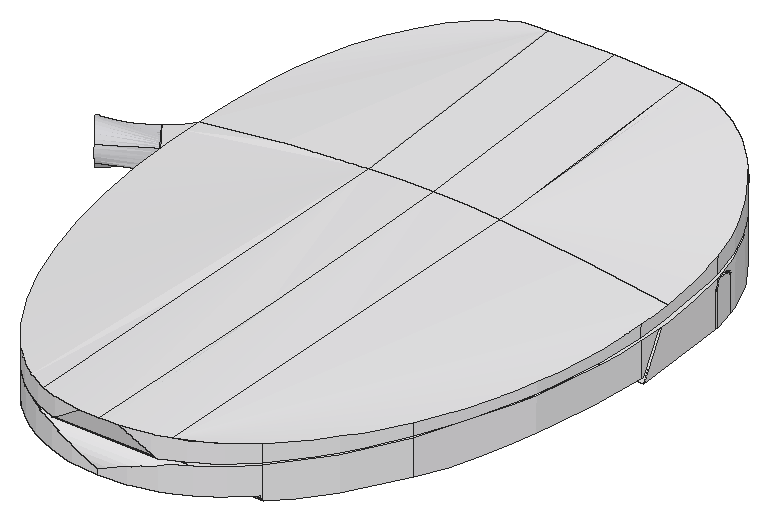
Revit family "Toilet_Seat-Elongated_Closed_Front-Cleansing-KOHLER-Purewash-K-98804_1", category Plumbing Fixtures, host Face, Revit 2017
Family settings
  Host = Face
  Round Connector Dimension = Use Diameter
  Part Type = Normal
  OmniClass Number = 23.31.19.19.19
  OmniClass Title = Water Closet Tanks
  Cut with Voids When Loaded = No
  Shared = No
  Room Calculation Point = No
Parameters (values of type "Polished Chrome Handle, 0-White")
  Width = 14 1/2"  # constant formula
  WaterSense Certified = 1 = 0  # no
  Waste Connection = 1 = 0  # no
  Vent Connection = 1 = 0  # no
  URL = "https://www.us.kohler.com/us/"
  Type = 3
  Product Page URL = "http://www.us.kohler.com/us/catalog/productDetails.jsp?productId=98804-CP"
  Product Name = "Purewash"  # constant formula
  Product Documentation Link = "https://www.us.kohler.com/webassets/kpna/catalog/pdf/en/K-98804-CP_spec_US-CA_Kohler_en.pdf"
  Pressure = 0.00 psi
  Plastic Handle = or(Type = 1, Type = 2)  # no
  Model = if(Type = 1, "K-98804-0", if(Type = 2, "K-98804-58", if(Type = 3, "K-98804-CP-0", if(Type = 4, "K-98804-CP-58", "NA"))))  # "K-98804-CP-0"
  Material = "Plastic"  # constant formula
  Master Format 2014 Name = "Toilet, Bath, and Laundry Accessories"  # constant formula
  Master Format 2014 = "22 42 13.13"  # constant formula
  Manufacturer Address = "444 Highland Dr, Kohler, WI 53044"  # constant formula
  Manufacturer = "KOHLER Co."  # constant formula
  Length = 19 15/16"  # constant formula
  Hot Water Inlet = "Hot Water Inlet"  # constant formula
  Height = 3 1/16"  # constant formula
  HW Connection = 1 = 0  # no
  Flow Rate = 0 GPM
  Finish = Kohler-Plastic-0-White
  Environmental Product Declaration = ""
  Description = if(or(Type = 1, Type = 2), "Elongated Manual Bidet Seat", if(or(Type = 3, Type = 4), "Elongated Manual Bidet Toilet Seat With Polished Chrome Handle", "NA"))  # "Elongated Manual Bidet Toilet Seat With Polished Chrome Handle"
  Default Elevation = 15"
  Declare Label = ""
  Date Modified = "12/28/2021"  # constant formula
  Date Created = "12/28/2021"  # constant formula
  Copyright = "Copyright KOHLER Co."  # constant formula
  Contact Us = "https://www.us.kohler.com/us/static/contact.jsp"
  Cold Water Inlet = "Cold Water Inlet"  # constant formula
  Chrome Handle = or(Type = 3, Type = 4)  # yes
  CW Connection = 1 = 1  # yes
  Assembly Code = "D2010100"
  ADA Compliant = 1 = 0  # no
Reference planes (in)
  plane 1 "Center (Front/Back)": y = 0
  plane 2: z = 0
  plane 3 "Center (Left/Right)": x = 0
  plane 4: y = -9.35236
  plane 5: y = 10.58514
  plane 6: x = -7.25
  plane 7: x = 7.25
  plane 8: x = -8.875
  plane 9: z = 3.0625
  plane 10: through (7.25475, 1.48599, 48) normal (-0.3746, -0.9272, 0)
  plane 11: through (-8.57898, 2.22175, 48) normal (-0.9272, 0.3746, 0)
  plane 12: z = 0.69644
  plane 13: y = 7.08901
  plane 14: x = -6.61278
  plane 15: x = -9.75787
  plane 16: x = -2.75
  plane 17: x = 2.75
  plane 18: y = 6.39567
  plane 19: y = 9.34843
  plane 20: y = 0.60827
Forms (in)
  Extrusion 1, void
    sketch origin (0, 0, 0) x (0, 1, 0) y (0, 0, 1)
      loop
        line (6.52264, 0) -> (4.6875, 0) -> (4.6875, -0.8125) -> (6.52264, -0.8125) -> (6.52264, 0)
    from -0.95363 to 0.89194
Dimensions and locks (in)
  "Length": plane 4 to nested 1
  "Height": level to plane 9
  "Width": plane 6 to plane 7
  plane 8 to plane 7 = 16 1/8"
  plane 15 to plane 7 = 17.00787"
  locked: plane 16 to plane 17 at 5.5
  locked: plane 18 to plane 4 at 15.74803
  locked: plane 19 to plane 4 at 18.70079
  plane 20 to plane 4 = 9.96063"
  aligned and locked: plane 2 to host face
  aligned and locked: level to host face
Automatic sketch dimensions
  host sketch curve to host sketch curve = 96"  (x2)
  Extrusion 1 sketch curve to level = 0"
  Extrusion 1 sketch curve to plane 18 = 1.70817"
  plane 18 to Extrusion 1 sketch curve = 0.12697"
  Extrusion 1 sketch curve to level = 13/16"
Nested families (in)
  nested 1: "K-98804" at (0, 10.58514, 0), type "K-98804"
Connectors (in)
  piping at (-6.61274, 7.0887, 0.69644), diameter 0.5, driven by "CW Connection", driven by "Cold Water Inlet", driven by "Flow Rate"
    settings: on nested 1, index 1, connector inside diameter 24", connector length 0", flow factor 0, pipe flow 0 GPM, pressure drop 0.00 psi, fitting loss kfactor 0, connector angle 0.00°, fixture units 0, engagement length 0", angle of deflection 0.00°, flow configuration 0, flow direction 1, fitting loss method 0, system type 20, joint type 0, gender type 0, connector reference index -1, connector utility 1, adjustable connector no, is connector primary yes, connector description "Cold Water Inlet"
Definition of nested family "K-98804"
  Parameters (values of type "K-98804")
    Plastic Handle = yes
    Material = none
    CP Handle = yes
  Reference planes (in)
    plane 1 "Center (Front/Back)": y = 0
    plane 2: z = 0
    plane 3 "Center (Left/Right)": x = 0
    plane 4: z = 3.0625
    plane 5: y = -19.9375
    plane 6: x = -7.25
    plane 7: x = -8.875
    plane 8: x = 7.25
    plane 9 "hose": through (-6.90539, -3.37515, 48) normal (0.9272, -0.3746, 0)
    plane 10 "hose 1": through (-6.90539, -3.37515, 48) normal (0.3746, 0.9272, 0)
    plane 11: y = -1.23671
    plane 12: y = -9.9688
    plane 13: y = -4.18947
    plane 14 "A": through (-8.49595, -6.84941, 48) normal (0.7986, 0.6018, 0)
    plane 15: x = -9.75787
  Forms (in)
    Extrusion 1, solid, material <- "Material", detail levels medium+fine
      sketch origin (0, 0, 0) x (1, 0, 0) y (0, 1, 0)
        loop
          arc (-5.79389, -14.99319) -> (-4.88771, -16.69207) -> (-3.731, -18.23134) r 12.48022
          arc (-3.731, -18.23134) -> (-2.04743, -19.48227) -> (0, -19.9375) r 5.02798
          arc (0, -19.9375) -> (2.04743, -19.48227) -> (3.731, -18.23134) r 5.02798
          arc (3.731, -18.23134) -> (4.88771, -16.69207) -> (5.79389, -14.99319) r 12.48022
          arc (5.79389, -14.99319) -> (6.88207, -11.59136) -> (7.25, -8.03872) r 17.3356
          arc (7.25, -8.03872) -> (7.1668, -6.34672) -> (6.91802, -4.67105) r 17.24708
          arc (6.91802, -4.67105) -> (6.08385, -2.53235) -> (4.56565, -0.81045) r 6.579
          arc (4.56565, -0.81045) -> (3.95093, -0.40445) -> (3.27397, -0.11387) r 4.13855
          arc (3.27397, -0.11387) -> (2.92153, -0.02865) -> (2.56006, 0) r 2.29489
          line (2.56006, 0) -> (-2.76102, 0)
          arc (-2.76102, 0) -> (-2.85653, -0.00562) -> (-2.95072, -0.02241) r 0.81424
          arc (-2.95072, -0.02241) -> (-3.80147, -0.32772) -> (-4.56565, -0.81045) r 4.13855
          arc (-4.56565, -0.81045) -> (-6.08385, -2.53235) -> (-6.91802, -4.67105) r 6.579
          arc (-6.91802, -4.67105) -> (-7.1668, -6.34672) -> (-7.25, -8.03872) r 17.24708
          arc (-7.25, -8.03872) -> (-6.88207, -11.59136) -> (-5.79389, -14.99319) r 17.3356
      from 0 to 3.0625
    Sweep 2, void
      path origin (0, 0, 0) x (1, 0, 0) y (0, 0, 1)
        loop
          arc (-15.60328, 2.60526) -> (-12.05024, 2.0722) -> (-8.4639, 2.28746) r 17.23261
          arc (-8.4639, 2.28746) -> (-5.2738, 2.72995) -> (-2.0647, 3.00245) r 60.64245
          arc (-2.0647, 3.00245) -> (-1.03279, 3.04748) -> (0, 3.0625) r 35.52401
          arc (0, 3.0625) -> (1.03279, 3.04748) -> (2.0647, 3.00245) r 35.52401
          arc (2.0647, 3.00245) -> (5.2738, 2.72995) -> (8.4639, 2.28746) r 60.64245
          arc (8.4639, 2.28746) -> (12.05024, 2.0722) -> (15.60328, 2.60526) r 17.23261
      profile origin (0, 0, 3.0625) x (0, 0, -1) y (0, -1, 0)
        loop
          arc (0.73974, 6.95713) -> (1.08453, 13.44434) -> (1.28845, 19.9375) r 299.30496
          line (1.28845, 19.9375) -> (-2.5, 19.9375) -> (-2.5, 0) -> (0, 0)
          arc (0, 0) -> (0.4429, 3.4708) -> (0.73974, 6.95713) r 83.35618
    Extrusion 3, void
      sketch origin (0, 0, 0) x (0, 1, 0) y (0, 0, 1)
        loop
          line (-18.29047, 0.19685) -> (-19.9375, 0.19685) -> (-19.9375, 0.3811)
          arc (-19.9375, 0.3811) -> (-19.75488, 0.82727) -> (-19.31184, 1.01735) r 0.63634
          line (-19.31184, 1.01735) -> (-9.49904, 1.18204)
          arc (-9.49904, 1.18204) -> (-4.90457, 1.35542) -> (-0.32138, 1.72097) r 109.81346
          arc (-0.32138, 1.72097) -> (0.68732, 1.85769) -> (1.68433, 2.06303) r 14.88604
          line (1.68433, 2.06303) -> (1.76016, 2.13886)
          arc (1.76016, 2.13886) -> (0.69765, 1.87376) -> (-0.38863, 1.73526) r 9.30979
          arc (-0.38863, 1.73526) -> (-10.00827, 1.25081) -> (-19.63902, 1.10623) r 272.82702
          arc (-19.63902, 1.10623) -> (-19.66069, 1.11319) -> (-19.67435, 1.13139) r 0.03752
          line (-19.67435, 1.13139) -> (-19.9375, 1.88531) -> (-22.6875, 1.88531) -> (-22.6875, 0) -> (-18.29047, 0) -> (-18.29047, 0.19685)
      from -17.2144 to 12
    Extrusion 4, void
      sketch origin (0, 0, 0) x (0, 1, 0) y (0, 0, 1)
        loop
          arc (-0.32751, 2.59237) -> (-0.13773, 2.48901) -> (-0.05798, 2.28816) r 0.31768
          line (-0.05798, 2.28816) -> (0, 0.41339) -> (0.75, 0.41339) -> (0.75, 3.07568) -> (-0.39914, 2.78917) -> (-0.32751, 2.59237)
      from -9.6785 to 12
    Extrusion 5, void
      sketch origin (0, 0, 0) x (1, 0, 0) y (0, 0, 1)
        loop
          line (2.75991, 2.60474) -> (2.74502, 1.75188) -> (2.81496, 1.75188) -> (2.81496, 2.80323)
          arc (2.81496, 2.80323) -> (0, 2.86433) -> (-2.81496, 2.80323) r 64.87585
          line (-2.81496, 2.80323) -> (-2.81496, 1.75188) -> (-2.74502, 1.75188) -> (-2.75991, 2.60474) -> (2.75991, 2.60474)
      from -1.06051 to 0.43385
    Extrusion 6, void
      sketch origin (0, 0, 0) x (0, 1, 0) y (0, 0, 1)
        loop
          line (-7.93545, 0) -> (-7.26365, 1.21195) -> (-7.38963, 1.21195) -> (-7.96925, 0.16629) -> (-9.71925, 0.16629)
          arc (-9.71925, 0.16629) -> (-11.00818, 0.14562) -> (-12.29578, 0.08364) r 40.20116
          arc (-12.29578, 0.08364) -> (-15.24824, -0.01967) -> (-18.20171, 0.04928) r 50.66603
          line (-18.20171, 0.04928) -> (-18.34928, 0.19685) -> (-20.2313, 0.19685) -> (-20.2313, -6.30315) -> (4.2687, -6.30315) -> (4.2687, 0) -> (-7.93545, 0)
      from -13.86887 to 12
    Extrusion 7, solid, material <- "Material", detail levels medium+fine
      sketch origin (0, 0, 0) x (1, 0, 0) y (0, 1, 0)
        loop
          arc (-7.65072, -6.03284) -> (-8.05988, -6.45505) -> (-8.49595, -6.84941) r 8.92615
          line (-8.49595, -6.84941) -> (-7.76299, -7.82208)
          arc (-7.76299, -7.82208) -> (-7.62897, -7.74058) -> (-7.48149, -7.68716) r 0.79017
          arc (-7.48149, -7.68716) -> (-7.20425, -7.69764) -> (-6.97678, -7.85647) r 0.49189
          line (-6.97678, -7.85647) -> (-6.82567, -4.97295)
          arc (-6.82567, -4.97295) -> (-7.21823, -5.51844) -> (-7.65072, -6.03284) r 8.92615
      from 0 to 1.45961
    Extrusion 8, void
      sketch origin (-4.76407, 1.92481, 0) x (0.374607, 0.927184, 0) y (0, 0, 1)
        loop
          line (-5.69732, 1.21379) -> (-5.74829, 1.21379)
          arc (-5.74829, 1.21379) -> (-5.94169, 1.08142) -> (-6.15375, 0.98167) r 1.46141
          line (-6.15375, 0.98167) -> (-6.17912, 0.93946)
          arc (-6.17912, 0.93946) -> (-6.16186, 0.7012) -> (-6.17912, 0.46294) r 1.65396
          line (-6.17912, 0.46294) -> (-6.16051, 0.42938)
          arc (-6.16051, 0.42938) -> (-5.95595, 0.30456) -> (-5.74542, 0.19012) r 4.79853
          line (-5.74542, 0.19012) -> (-5.7002, 0.19012)
          arc (-5.7002, 0.19012) -> (-5.48966, 0.30456) -> (-5.2851, 0.42938) r 4.79853
          line (-5.2851, 0.42938) -> (-5.2665, 0.46294)
          arc (-5.2665, 0.46294) -> (-5.28375, 0.7012) -> (-5.2665, 0.93946) r 1.65396
          line (-5.2665, 0.93946) -> (-5.29186, 0.98167)
          arc (-5.29186, 0.98167) -> (-5.50393, 1.08142) -> (-5.69732, 1.21379) r 1.46141
        loop
          circle (-5.70001, 0.68575) r 0.82046
      from 0 to 1.06206
    Revolve 9, solid, material <- "Material", detail levels medium+fine
      sketch origin (0.04323, -0.02051, 0.69644) x (1, 0, 0) y (0, 1, 0)
        loop
          line (-7.0455, -3.72193) -> (-7.11312, -3.88929) -> (-6.18594, -4.26389) -> (-5.97821, -3.74976) -> (-6.30673, -3.61702) -> (-6.44684, -3.96381) -> (-7.0455, -3.72193)
        axis (-6.90539, -3.37515) -> (-5.97821, -3.74976)
      angle from 0 to 360
    Extrusion 10, solid, material <- "Material", detail levels medium+fine
      sketch origin (0, 0, 0) x (1, 0, 0) y (0, 1, 0)
        loop
          arc (-3.53696, -15.25762) -> (-3.5265, -15.23642) -> (-3.53112, -15.21323) r 0.03678
          line (-3.53112, -15.21323) -> (-3.6169, -15.06464)
          arc (-3.6169, -15.06464) -> (-3.64016, -15.04727) -> (-3.66878, -15.05219) r 0.03678
          line (-3.66878, -15.05219) -> (-4.73046, -15.74165)
          arc (-4.73046, -15.74165) -> (-4.74578, -15.76236) -> (-4.74376, -15.78804) r 0.03678
          line (-4.74376, -15.78804) -> (-4.55086, -16.20171)
          arc (-4.55086, -16.20171) -> (-4.52391, -16.22239) -> (-4.49152, -16.21218) r 0.03678
          line (-4.49152, -16.21218) -> (-3.53696, -15.25762)
        loop
          arc (5.1499, -9.49709) -> (5.13024, -9.51023) -> (5.12264, -9.53262) r 0.03678
          line (5.12264, -9.53262) -> (5.12264, -9.70418)
          arc (5.12264, -9.70418) -> (5.13411, -9.73086) -> (5.16135, -9.74091) r 0.03678
          line (5.16135, -9.74091) -> (6.42551, -9.67466)
          arc (6.42551, -9.67466) -> (6.44914, -9.66439) -> (6.46023, -9.64114) r 0.03678
          line (6.46023, -9.64114) -> (6.50001, -9.18643)
          arc (6.50001, -9.18643) -> (6.48701, -9.15505) -> (6.45385, -9.1477) r 0.03678
          line (6.45385, -9.1477) -> (5.1499, -9.49709)
        loop
          line (3.50729, -15.28729) -> (4.46185, -16.24185)
          arc (4.46185, -16.24185) -> (4.5312, -16.26371) -> (4.58889, -16.21945) r 0.07874
          line (4.58889, -16.21945) -> (4.78179, -15.80577)
          arc (4.78179, -15.80577) -> (4.78611, -15.75079) -> (4.75331, -15.70646) r 0.07874
          line (4.75331, -15.70646) -> (3.69164, -15.017)
          arc (3.69164, -15.017) -> (3.63037, -15.00647) -> (3.58056, -15.04366) r 0.07874
          line (3.58056, -15.04366) -> (3.49478, -15.19224)
          arc (3.49478, -15.19224) -> (3.4849, -15.24189) -> (3.50729, -15.28729) r 0.07874
        loop
          arc (-5.16353, -9.78282) -> (-5.10522, -9.7613) -> (-5.08068, -9.7042) r 0.07872
          line (-5.08068, -9.7042) -> (-5.08068, -9.5326)
          arc (-5.08068, -9.5326) -> (-5.09695, -9.48468) -> (-5.13903, -9.45656) r 0.07873
          line (-5.13903, -9.45656) -> (-6.44302, -9.10716)
          arc (-6.44302, -9.10716) -> (-6.51399, -9.12289) -> (-6.54181, -9.19006) r 0.07872
          line (-6.54181, -9.19006) -> (-6.50203, -9.64481)
          arc (-6.50203, -9.64481) -> (-6.47829, -9.69458) -> (-6.42772, -9.71656) r 0.07872
          line (-6.42772, -9.71656) -> (-5.16353, -9.78282)
      from 0 to 0.83088
    Extrusion 11, solid, material <- "Material"
      sketch origin (0, 0, 0) x (0, 1, 0) y (0, 0, 1)
        loop
          line (-5.81433, 0) -> (-5.78849, -0.21014)
          arc (-5.78849, -0.21014) -> (-5.77184, -0.28076) -> (-5.74032, -0.34612) r 0.33343
          line (-5.74032, -0.34612) -> (-5.47246, -0.77478) -> (-4.34743, -0.07179)
          arc (-4.34743, -0.07179) -> (-4.22729, -0.0183) -> (-4.09707, 0) r 0.47244
          line (-4.09707, 0) -> (-5.81433, 0)
      from -0.78869 to 0.74751
    Extrusion 12, solid, material <- "Material", detail levels coarse
      sketch origin (0, 0, 0) x (1, 0, 0) y (0, 1, 0)
        loop
          arc (6.92008, -4.68143) -> (6.08387, -2.53239) -> (4.55744, -0.80392) r 6.579
          arc (4.55744, -0.80392) -> (3.75136, -0.3037) -> (2.85262, 0) r 4.14128
          line (2.85262, 0) -> (-2.85262, 0)
          arc (-2.85262, 0) -> (-3.75136, -0.3037) -> (-4.55741, -0.80395) r 4.14128
          arc (-4.55741, -0.80395) -> (-5.72109, -1.99794) -> (-6.54722, -3.44613) r 6.579
          arc (-6.54722, -3.44613) -> (-7.05454, -5.58108) -> (-7.24787, -7.76695) r 15.1388
          arc (-7.24787, -7.76695) -> (-6.9094, -11.45824) -> (-5.79389, -14.99319) r 17.3356
          arc (-5.79389, -14.99319) -> (-4.90303, -16.66797) -> (-3.76864, -18.18837) r 12.48022
          arc (-3.76864, -18.18837) -> (0, -19.90244) -> (3.76864, -18.18837) r 5
          arc (3.76864, -18.18837) -> (4.90303, -16.66797) -> (5.79389, -14.99319) r 12.48022
          arc (5.79389, -14.99319) -> (7.14724, -9.92349) -> (6.92008, -4.68143) r 17.3356
      from 0 to 3.0625
    Extrusion 13, solid, material <- "Material", detail levels coarse
      sketch origin (-4.76407, 1.92481, 0) x (0.374607, 0.927184, 0) y (0, 0, 1)
        loop
          circle (-5.71902, 0.69644) r 0.5
      from 0 to 1.08529
    Extrusion 14, void
      sketch origin (-1.67357, 9.57408, 1.5) x (0.374607, 0.927184, 0) y (0, 0, 1)
        loop
          line (-10.10576, -1.64924) -> (-10.05107, -1.64924) -> (-10.05107, -0.51326)
          arc (-10.05107, -0.51326) -> (-9.73076, -0.19295) -> (-9.41045, -0.51326) r 0.32031
          line (-9.41045, -0.51326) -> (-9.41045, -1.64924) -> (-9.35576, -1.64924) -> (-9.35576, -0.51326)
          arc (-9.35576, -0.51326) -> (-9.73076, -0.13826) -> (-10.10576, -0.51326) r 0.375
          line (-10.10576, -0.51326) -> (-10.10576, -1.64924)
      from 12 to 25.89752
    Extrusion 15, solid, material <- "Material", visible <- "Plastic Handle"
      sketch origin (0, 0, 0) x (1, 0, 0) y (0, 1, 0)
        loop
          line (-8.80457, -7.51551) -> (-8.40823, -8.01235)
          arc (-8.40823, -8.01235) -> (-8.24873, -8.10192) -> (-8.07195, -8.05489) r 0.24306
          line (-8.07195, -8.05489) -> (-7.76299, -7.82208) -> (-8.4959, -6.84948) -> (-8.76008, -7.07106)
          arc (-8.76008, -7.07106) -> (-8.87278, -7.28423) -> (-8.80457, -7.51551) r 0.31979
      from 0.6351 to 1.14961
    Extrusion 16, void
      sketch origin (0, 0, 0) x (1, 0, 0) y (0, 0, 1)
        loop
          arc (-8.4959, 1.14961) -> (-7.35337, 1.25381) -> (-6.24854, 1.56299) r 6.31555
          line (-6.24854, 1.56299) -> (-8.68545, 1.56299) -> (-8.68545, 1.14961) -> (-8.4959, 1.14961)
        loop
          line (-8.68545, 0.6351) -> (-8.68545, -0.07351) -> (-7.21463, -0.07351)
          arc (-7.21463, -0.07351) -> (-7.34757, 0.28126) -> (-7.65669, 0.50029) r 0.64538
          arc (-7.65669, 0.50029) -> (-8.07091, 0.60119) -> (-8.4959, 0.6351) r 2.67944
          line (-8.4959, 0.6351) -> (-8.68545, 0.6351)
      from 4.2911 to 10.30407
    Extrusion 17, solid, material <- "Material", detail levels coarse
      sketch origin (0, 0, 0) x (1, 0, 0) y (0, 1, 0)
        loop
          arc (-7.12231, -5.39294) -> (-7.37907, -5.71904) -> (-7.65072, -6.03284) r 8.92615
          arc (-7.65072, -6.03284) -> (-8.05988, -6.45505) -> (-8.49595, -6.84941) r 8.92615
          line (-8.49595, -6.84941) -> (-7.76299, -7.82208)
          arc (-7.76299, -7.82208) -> (-7.62897, -7.74058) -> (-7.48149, -7.68716) r 0.79017
          arc (-7.48149, -7.68716) -> (-7.40934, -7.67451) -> (-7.33611, -7.67272) r 0.49189
          arc (-7.33611, -7.67272) -> (-7.27294, -7.702) -> (-7.24787, -7.76695) r 0.09289
          arc (-7.24787, -7.76695) -> (-7.16391, -6.3946) -> (-6.95579, -5.03553) r 15.1388
          arc (-6.95579, -5.03553) -> (-7.02042, -5.22291) -> (-7.12231, -5.39294) r 0.95581
      from 0.6351 to 1.14961
    Blend 18, solid, visible <- "CP Handle"
      base sketch origin (-8.71091, -6.56414, 0) x (-0.601815, 0.798636, 0) y (0, 0, 1)
        loop
          line (-0.3572, 0.6351) -> (-0.3572, 1.14961)
          arc (-0.3572, 1.14961) -> (-0.96653, 1.16026) -> (-1.57511, 1.19228) r 17.37185
          line (-1.57511, 1.19228) -> (-1.57511, 0.53292)
          arc (-1.57511, 0.53292) -> (-0.96831, 0.60975) -> (-0.3572, 0.6351) r 7.24139
      top sketch origin (-8.71091, -6.56414, 0) x (-0.601815, 0.798636, 0) y (0, 0, 1)
        loop
          arc (-0.39622, 1.25772) -> (-0.98824, 1.67246) -> (-1.58027, 1.25772) r 0.62992
          arc (-1.58027, 1.25772) -> (-1.61552, 0.98485) -> (-1.5311, 0.72299) r 0.62992
          arc (-1.5311, 0.72299) -> (-0.98824, 0.41261) -> (-0.44539, 0.72299) r 0.62992
          arc (-0.44539, 0.72299) -> (-0.36097, 0.98485) -> (-0.39622, 1.25772) r 0.62992
      from 0 to -1.58354
  Cuts and joins
    Sweep 2, Extrusion 3, Extrusion 4, Extrusion 5, Extrusion 6, Extrusion 14 cuts Extrusion 1
    Extrusion 8 cuts Revolve 9
    joined: Extrusion 1, Revolve 9, Extrusion 10
    joined: Extrusion 12, Extrusion 13, Extrusion 17
    Extrusion 16 cuts Extrusion 7
  Lines and regions (in)
    Masking region 1
      outline origin (0, 0, 0) x (1, 0, 0) y (0, 1, 0)
        loop
          arc (-7.2464, -7.68556) -> (-6.91738, -11.41833) -> (-5.79389, -14.99319) r 17.3356
          arc (-5.79389, -14.99319) -> (-4.88771, -16.69207) -> (-3.731, -18.23134) r 12.48022
          arc (-3.731, -18.23134) -> (-2.04743, -19.48227) -> (0, -19.9375) r 5.02798
          arc (0, -19.9375) -> (2.04743, -19.48227) -> (3.731, -18.23134) r 5.02798
          arc (3.731, -18.23134) -> (4.88771, -16.69207) -> (5.79389, -14.99319) r 12.48022
          arc (5.79389, -14.99319) -> (7.14724, -9.92349) -> (6.92173, -4.6811) r 17.3356
          arc (6.92173, -4.6811) -> (6.08387, -2.53239) -> (4.55744, -0.80392) r 6.579
          spline (4.55744, -0.80392) -> (4.43195, -0.70819) -> (4.3028, -0.61727) -> (4.17016, -0.53133) -> (4.03422, -0.45049) -> (3.89518, -0.37487) -> (3.75324, -0.30458) -> (3.6086, -0.23973) -> (3.46149, -0.1804) -> (3.31212, -0.12669) -> (3.1607, -0.07868) -> (3.00746, -0.03642) -> (2.85262, 0)
          line (2.85262, 0) -> (-2.85262, 0)
          spline (-2.85262, 0) -> (-3.00746, -0.03642) -> (-3.1607, -0.07868) -> (-3.31212, -0.12669) -> (-3.46149, -0.1804) -> (-3.6086, -0.23973) -> (-3.75324, -0.30458) -> (-3.89518, -0.37487) -> (-4.03422, -0.45049) -> (-4.17016, -0.53133) -> (-4.3028, -0.61727) -> (-4.43195, -0.70819) -> (-4.55741, -0.80395)
          arc (-4.55741, -0.80395) -> (-5.59694, -1.83825) -> (-6.38151, -3.07715) r 6.579
          line (-6.38151, -3.07715) -> (-6.69264, -2.9761) -> (-7.03452, -3.82226) -> (-6.72292, -3.92346)
          arc (-6.72292, -3.92346) -> (-6.89726, -4.57087) -> (-7.00481, -5.23267) r 6.579
          arc (-7.00481, -5.23267) -> (-7.31623, -5.64207) -> (-7.65072, -6.03284) r 8.92615
          arc (-7.65072, -6.03284) -> (-8.05988, -6.45505) -> (-8.49595, -6.84941) r 8.92615
          line (-8.49595, -6.84941) -> (-7.76299, -7.82208)
          arc (-7.76299, -7.82208) -> (-7.62897, -7.74058) -> (-7.48149, -7.68716) r 0.79017
          arc (-7.48149, -7.68716) -> (-7.36404, -7.67211) -> (-7.2464, -7.68556) r 0.49189
    Masking region 2
      outline origin (0, 0, 0) x (0, 1, 0) y (0, 0, 1)
        loop
          line (0, 2.88868) -> (0, 3.0625)
          arc (0, 3.0625) -> (-9.92998, 2.16458) -> (-19.89266, 1.76981) r 197.16148
          arc (-19.89266, 1.76981) -> (-19.91767, 1.7561) -> (-19.9204, 1.72771) r 0.03047
          line (-19.9204, 1.72771) -> (-19.67384, 1.13015)
          arc (-19.67384, 1.13015) -> (-19.65964, 1.11279) -> (-19.63819, 1.10623) r 0.03868
          arc (-19.63819, 1.10623) -> (-10.11363, 1.24739) -> (-0.59981, 1.72097) r 272.82702
          line (-0.59981, 1.72097) -> (-0.32138, 1.72097)
          arc (-0.32138, 1.72097) -> (-4.90457, 1.35542) -> (-9.49904, 1.18204) r 109.81346
          line (-9.49904, 1.18204) -> (-19.31184, 1.01735)
          arc (-19.31184, 1.01735) -> (-19.75488, 0.82727) -> (-19.9375, 0.3811) r 0.63634
          line (-19.9375, 0.3811) -> (-19.9375, 0.19685) -> (-18.29047, 0.19685) -> (-18.29047, 0.13804) -> (-18.20171, 0.04928) -> (-16.98509, 0) -> (-14.10094, 0)
          arc (-14.10094, 0) -> (-13.19799, 0.03377) -> (-12.29578, 0.08364) r 50.66603
          arc (-12.29578, 0.08364) -> (-11.03994, 0.14459) -> (-9.78282, 0.16624) r 40.20116
          line (-9.78282, 0.16624) -> (-9.78282, 0) -> (-9.10716, 0) -> (-9.10716, 0.16629) -> (-7.96925, 0.16629) -> (-7.70938, 0.6351) -> (-7.5834, 0.6351) -> (-7.93545, 0) -> (-5.81433, 0) -> (-5.78849, -0.21014)
          arc (-5.78849, -0.21014) -> (-5.77184, -0.28076) -> (-5.74032, -0.34612) r 0.33343
          line (-5.74032, -0.34612) -> (-5.47246, -0.77478) -> (-4.34743, -0.07179)
          arc (-4.34743, -0.07179) -> (-4.22729, -0.0183) -> (-4.09707, 0) r 0.47244
          line (-4.09707, 0) -> (0, 0) -> (0, 0.41339) -> (-0.05798, 2.28816)
          arc (-0.05798, 2.28816) -> (-0.13773, 2.48901) -> (-0.32751, 2.59237) r 0.31768
          line (-0.32751, 2.59237) -> (-0.39914, 2.78917) -> (0, 2.88868)
    Masking region 3
      outline origin (0, 0, 0) x (1, 0, 0) y (0, 0, 1)
        loop
          spline (-6.91802, 1.95622) -> (-6.96935, 1.92449) -> (-7.01642, 1.89417) -> (-7.0592, 1.86526) -> (-7.09769, 1.83777) -> (-7.13188, 1.81172) -> (-7.16175, 1.7871) -> (-7.18729, 1.76392) -> (-7.20851, 1.7422) -> (-7.22539, 1.72193) -> (-7.23794, 1.70312) -> (-7.24613, 1.68578) -> (-7.24999, 1.66992)
          line (-7.24999, 1.66992) -> (-7.24999, 1.3223)
          spline (-7.24999, 1.3223) -> (-7.24975, 1.31867) -> (-7.24904, 1.31507) -> (-7.24784, 1.31151) -> (-7.24617, 1.30797) -> (-7.24402, 1.30446) -> (-7.24139, 1.30098) -> (-7.23828, 1.29754) -> (-7.2347, 1.29412) -> (-7.23063, 1.29073) -> (-7.22609, 1.28737) -> (-7.22106, 1.28404) -> (-7.21556, 1.28075)
          arc (-7.21556, 1.28075) -> (-7.8524, 1.18247) -> (-8.49595, 1.14961) r 6.31555
          line (-8.49595, 1.14961) -> (-8.49595, 0.6351)
          arc (-8.49595, 0.6351) -> (-8.07094, 0.60119) -> (-7.65669, 0.50029) r 2.67944
          arc (-7.65669, 0.50029) -> (-7.40697, 0.34819) -> (-7.25, 0.10151) r 0.64538
          line (-7.25, 0.10151) -> (-7.25, 0) -> (-0.78869, 0) -> (-0.78869, -0.57793)
          arc (-0.78869, -0.57793) -> (-0.73104, -0.71713) -> (-0.59184, -0.77478) r 0.19685
          line (-0.59184, -0.77478) -> (0.59184, -0.77478)
          arc (0.59184, -0.77478) -> (0.73104, -0.71713) -> (0.78869, -0.57793) r 0.19685
          line (0.78869, -0.57793) -> (0.78869, 0) -> (6.54211, 0) -> (6.54211, 0.04629)
          spline (6.54211, 0.04629) -> (6.55783, 0.04908) -> (6.57337, 0.05193) -> (6.58873, 0.05484) -> (6.60392, 0.0578) -> (6.61894, 0.06083) -> (6.63379, 0.06391) -> (6.64845, 0.06705) -> (6.66295, 0.07025) -> (6.67727, 0.07351) -> (6.69141, 0.07683) -> (6.70538, 0.08021) -> (6.71917, 0.08364)
          spline (6.71917, 0.08364) -> (6.77138, 0.09673) -> (6.82092, 0.1087) -> (6.8678, 0.11954) -> (6.91199, 0.12926) -> (6.95351, 0.13785) -> (6.99233, 0.14531) -> (7.02845, 0.15164) -> (7.06187, 0.15683) -> (7.09257, 0.1609) -> (7.12056, 0.16383) -> (7.14582, 0.16563) -> (7.16835, 0.16629)
          line (7.16835, 0.16629) -> (7.25, 0.16629) -> (7.24638, 1.14961) -> (7.24638, 1.22747)
          spline (7.24638, 1.22747) -> (7.24431, 1.23051) -> (7.24177, 1.23361) -> (7.23875, 1.23679) -> (7.23528, 1.24004) -> (7.23133, 1.24337) -> (7.22691, 1.24676) -> (7.22203, 1.25023) -> (7.21668, 1.25377) -> (7.21087, 1.25738) -> (7.20458, 1.26106) -> (7.19783, 1.26481) -> (7.19062, 1.26863)
          spline (7.19062, 1.26863) -> (7.2001, 1.27282) -> (7.20876, 1.27705) -> (7.2166, 1.28135) -> (7.22361, 1.28569) -> (7.2298, 1.29008) -> (7.23516, 1.29453) -> (7.23969, 1.29903) -> (7.2434, 1.30358) -> (7.24629, 1.30818) -> (7.24835, 1.31284) -> (7.24958, 1.31754) -> (7.24999, 1.3223)
          line (7.24999, 1.3223) -> (7.24999, 1.66992)
          spline (7.24999, 1.66992) -> (7.24613, 1.68578) -> (7.23794, 1.70312) -> (7.22539, 1.72193) -> (7.20851, 1.7422) -> (7.18729, 1.76392) -> (7.16175, 1.7871) -> (7.13188, 1.81172) -> (7.09769, 1.83777) -> (7.0592, 1.86526) -> (7.01642, 1.89417) -> (6.96935, 1.92449) -> (6.91802, 1.95622)
          spline (6.91802, 1.95622) -> (6.83144, 2.00444) -> (6.72307, 2.05631) -> (6.5934, 2.11152) -> (6.44291, 2.16981) -> (6.27211, 2.23085) -> (6.08167, 2.29409) -> (5.87226, 2.35899) -> (5.64456, 2.42497) -> (5.39927, 2.49142) -> (5.13715, 2.55762) -> (4.859, 2.62297) -> (4.56577, 2.68755)
          spline (4.56577, 2.68755) -> (4.45997, 2.70974) -> (4.35151, 2.73145) -> (4.24048, 2.75269) -> (4.12701, 2.77341) -> (4.01122, 2.7936) -> (3.89323, 2.81324) -> (3.77317, 2.83231) -> (3.65115, 2.85079) -> (3.52731, 2.86865) -> (3.40178, 2.88589) -> (3.27468, 2.90247) -> (3.14616, 2.91839)
          spline (3.14616, 2.91839) -> (3.09709, 2.92393) -> (3.04774, 2.92929) -> (2.99813, 2.93447) -> (2.94829, 2.93947) -> (2.89825, 2.94428) -> (2.84802, 2.94891) -> (2.79763, 2.95335) -> (2.74711, 2.9576) -> (2.69649, 2.96165) -> (2.64578, 2.96551) -> (2.59502, 2.96917) -> (2.54422, 2.97262)
          arc (2.54422, 2.97262) -> (2.30449, 2.98801) -> (2.0647, 3.00245) r 60.64245
          arc (2.0647, 3.00245) -> (1.03278, 3.04748) -> (-0.00001, 3.0625) r 35.52401
          arc (-0.00001, 3.0625) -> (-1.03279, 3.04748) -> (-2.0647, 3.00245) r 35.52401
          arc (-2.0647, 3.00245) -> (-2.30449, 2.98801) -> (-2.54422, 2.97263) r 60.64245
          spline (-2.54422, 2.97263) -> (-2.59502, 2.96917) -> (-2.64578, 2.96551) -> (-2.69649, 2.96165) -> (-2.74711, 2.9576) -> (-2.79763, 2.95335) -> (-2.84802, 2.94891) -> (-2.89825, 2.94428) -> (-2.94829, 2.93947) -> (-2.99813, 2.93447) -> (-3.04774, 2.92929) -> (-3.09709, 2.92393) -> (-3.14616, 2.91839)
          spline (-3.14616, 2.91839) -> (-3.27468, 2.90247) -> (-3.40178, 2.88589) -> (-3.52731, 2.86865) -> (-3.65115, 2.85079) -> (-3.77317, 2.83231) -> (-3.89323, 2.81324) -> (-4.01122, 2.7936) -> (-4.12701, 2.77341) -> (-4.24048, 2.75269) -> (-4.35151, 2.73145) -> (-4.45997, 2.70974) -> (-4.56577, 2.68755)
          spline (-4.56577, 2.68755) -> (-4.859, 2.62297) -> (-5.13715, 2.55762) -> (-5.39927, 2.49142) -> (-5.64456, 2.42497) -> (-5.87226, 2.35899) -> (-6.08167, 2.29409) -> (-6.27211, 2.23085) -> (-6.44291, 2.16981) -> (-6.5934, 2.11152) -> (-6.72307, 2.05631) -> (-6.83144, 2.00444) -> (-6.91802, 1.95622)
    Masking region 4, visible <- "Plastic Handle", detail levels medium+fine
      outline origin (0, 0, 0) x (0, 1, 0) y (0, 0, 1)
        loop
          line (-8.10384, 0.6351) -> (-6.84948, 0.6351) -> (-6.84948, 1.14961) -> (-8.10384, 1.14961) -> (-8.10384, 0.6351)
    Masking region 5, visible <- "CP Handle", detail levels medium+fine
      outline origin (0, 0, 0) x (0, 1, 0) y (0, 0, 1)
        loop
          arc (-8.23926, 0.42063) -> (-7.5468, 0.54383) -> (-6.84941, 0.6351) r 15.3133
          line (-6.84941, 0.6351) -> (-6.84941, 1.14961)
          arc (-6.84941, 1.14961) -> (-7.10568, 1.19733) -> (-7.35491, 1.2737) r 2.30336
          arc (-7.35491, 1.2737) -> (-7.74316, 1.43326) -> (-8.11892, 1.62035) r 5.83142
          spline (-8.11892, 1.62035) -> (-8.26886, 1.66929) -> (-8.42359, 1.65876) -> (-8.56842, 1.58978) -> (-8.68961, 1.46888) -> (-8.77567, 1.30753) -> (-8.81842, 1.12104) -> (-8.81383, 0.9271) -> (-8.76231, 0.74411) -> (-8.66876, 0.58944) -> (-8.54205, 0.47775) -> (-8.39421, 0.41964) -> (-8.23926, 0.42063)
    Masking region 6, visible <- "Plastic Handle"
      outline origin (0, 0, 0) x (1, 0, 0) y (0, 1, 0)
        loop
          arc (-8.40823, -8.01235) -> (-8.24873, -8.10192) -> (-8.07195, -8.05489) r 0.24306
          line (-8.07195, -8.05489) -> (-7.76299, -7.82208) -> (-8.4959, -6.84948) -> (-8.76008, -7.07106)
          arc (-8.76008, -7.07106) -> (-8.87278, -7.28423) -> (-8.80457, -7.51551) r 0.31979
          line (-8.80457, -7.51551) -> (-8.40823, -8.01235)
    Masking region 7, visible <- "CP Handle"
      outline origin (0, 0, 0) x (1, 0, 0) y (0, 1, 0)
        loop
          line (-7.76299, -7.82208) -> (-8.49595, -6.84941) -> (-9.76062, -7.80241) -> (-9.00175, -8.80947) -> (-7.76299, -7.82208)
    Masking region 8, visible <- "Plastic Handle"
      outline origin (0, 0, 0) x (1, 0, 0) y (0, 0, 1)
        loop
          line (-7.76299, 1.14961) -> (-8.875, 1.14961) -> (-8.875, 0.6351) -> (-7.76299, 0.6351) -> (-7.76299, 1.14961)
    Masking region 9, visible <- "CP Handle"
      outline origin (0, 0, 0) x (1, 0, 0) y (0, 0, 1)
        loop
          spline (-9.2872, 1.65293) -> (-9.39914, 1.67172) -> (-9.50948, 1.63509) -> (-9.60848, 1.54625) -> (-9.68743, 1.41304) -> (-9.73938, 1.24719) -> (-9.75974, 1.06332) -> (-9.74672, 0.87761) -> (-9.70147, 0.70643) -> (-9.62798, 0.56486) -> (-9.53271, 0.46537) -> (-9.42407, 0.41672) -> (-9.31162, 0.4232)
          arc (-9.31162, 0.4232) -> (-8.54361, 0.56696) -> (-7.76299, 0.53292) r 3.42544
          line (-7.76299, 0.53292) -> (-7.76299, 1.19228)
          arc (-7.76299, 1.19228) -> (-8.19387, 1.27352) -> (-8.61499, 1.39568) r 4.57086
          arc (-8.61499, 1.39568) -> (-8.95336, 1.51839) -> (-9.2872, 1.65293) r 10.22771
    symbolic lines, detail levels medium+fine
      curve 1: arc (-7.02475, -5.26041, 0) -> (-7.17843, -6.46907, 0) -> (-7.24638, -7.68557, 0) r 17.24708
      curve 2: arc (-6.38151, -3.07715, 0) -> (-6.56771, -3.49637, 0) -> (-6.72425, -3.92755, 0) r 6.579
      curve 3: arc (-4.24647, -1.19545, 0) -> (-4.85981, -1.755, 0) -> (-5.39119, -2.3929, 0) r 6.079
      curve 4: arc (-2.74786, -0.4889, 0) -> (-3.5381, -0.75593, 0) -> (-4.24683, -1.19579, 0) r 3.64128
      curve 5: arc (4.24683, -1.19579, 0) -> (3.5381, -0.75593, 0) -> (2.74786, -0.4889, 0) r 3.64128
      curve 6: arc (5.90119, -3.23369, 0) -> (5.18518, -2.12417, 0) -> (4.24647, -1.19545, 0) r 6.079
      curve 7: line (2.85262, -0.5, 0) -> (-2.85262, -0.5, 0)
      curve 8: arc (-6.53344, -3.985, 0) -> (-6.70251, -4.61281, 0) -> (-6.8068, -5.25457, 0) r 6.37979
      curve 9: arc (-6.82813, -5.2925, 0) -> (-6.99503, -6.6611, 0) -> (-7.05078, -8.03872, 0) r 17.04786
      curve 10: arc (-7.05078, -8.03872, 0) -> (-6.68708, -11.55053, 0) -> (-5.61141, -14.91327, 0) r 17.13638
      curve 11: arc (-5.61141, -14.91327, 0) -> (-4.71969, -16.58503, 0) -> (-3.58144, -18.09974, 0) r 12.281
      curve 12: arc (-3.58144, -18.09974, 0) -> (-1.96537, -19.30074, 0) -> (0, -19.73827, 0) r 4.82876
      curve 13: arc (0, -19.73827, 0) -> (1.96537, -19.30074, 0) -> (3.58144, -18.09974, 0) r 4.82876
      curve 14: arc (3.58144, -18.09974, 0) -> (4.71969, -16.58503, 0) -> (5.61141, -14.91327, 0) r 12.281
      curve 15: arc (5.61141, -14.91327, 0) -> (6.9492, -9.90183, 0) -> (6.72629, -4.71968, 0) r 17.13638
      curve 16: arc (6.72629, -4.71968, 0) -> (6.43058, -3.91181, 0) -> (5.90119, -3.23369, 0) r 2.76902
      curve 17: arc (-5.39119, -2.3929, 0) -> (-6.08602, -3.1002, 0) -> (-6.53344, -3.985, 0) r 3.22864
      curve 19: line (0, -4.03215, 0) -> (0, -5.81433, 0)
      curve 20: line (0, -6.84948, 1.14961) -> (0, -5.26041, 1.14961)
      curve 22: arc (0, -5.26041, 0.6351) -> (0, -4.66369, 0.46314) -> (0, -4.25, 0) r 1.1213
      curve 23: arc (0, -5.26041, 1.14961) -> (0, -4.62908, 1.21557) -> (0, -4.02503, 1.41061) r 3.05413
      curve 24: spline (0, -3.39566, 0.32243) -> (0, -3.48542, 0.33517) -> (0, -3.56905, 0.37253) -> (0, -3.64088, 0.43197) -> (0, -3.69599, 0.50943) -> (0, -3.73063, 0.59964) -> (0, -3.74245, 0.69644) -> (0, -3.73063, 0.79324) -> (0, -3.69599, 0.88345) -> (0, -3.64088, 0.96091) -> (0, -3.56905, 1.02035) -> (0, -3.48542, 1.05771) -> (0, -3.39566, 1.07046) -> (0, -3.30591, 1.05771) -> (0, -3.22227, 1.02035) -> (0, -3.15045, 0.96091) -> (0, -3.09534, 0.88345) -> (0, -3.0607, 0.79324) -> (0, -3.04888, 0.69644) -> (0, -3.0607, 0.59964) -> (0, -3.09534, 0.50943) -> (0, -3.15045, 0.43197) -> (0, -3.22227, 0.37253) -> (0, -3.30591, 0.33517) -> (0, -3.39566, 0.32243)
      curve 25: line (0, -4.02503, 1.41061) -> (0, -4.25, 0)
      curve 26: line (0, -9.10716, 0.16629) -> (0, -9.78292, 0.16624)
      curve 27: line (0, -4.67105, 1.95622) -> (0, -0.81051, 2.68758)
      curve 28: spline (0, -7.01656, 1.72921) -> (0, -6.81939, 1.74403) -> (0, -6.62243, 1.75961) -> (0, -6.42573, 1.77593) -> (0, -6.22929, 1.793) -> (0, -6.03316, 1.81082) -> (0, -5.83736, 1.82938) -> (0, -5.64191, 1.84869) -> (0, -5.44686, 1.86873) -> (0, -5.25221, 1.88951) -> (0, -5.05801, 1.91102) -> (0, -4.86429, 1.93326) -> (0, -4.67105, 1.95622)
      curve 29: spline (0, -15.00076, 1.51528) -> (0, -14.45012, 1.50754) -> (0, -13.89183, 1.50341) -> (0, -13.32657, 1.50292) -> (0, -12.75503, 1.50605) -> (0, -12.17791, 1.51281) -> (0, -11.59592, 1.52319) -> (0, -11.00978, 1.53717) -> (0, -10.42021, 1.55474) -> (0, -9.82792, 1.57588) -> (0, -9.23364, 1.60055) -> (0, -8.63811, 1.62874) -> (0, -8.04204, 1.6604)
      curve 30: spline (0, -18.2322, 1.62921) -> (0, -17.98892, 1.61677) -> (0, -17.74034, 1.60484) -> (0, -17.48662, 1.59343) -> (0, -17.22793, 1.58254) -> (0, -16.96445, 1.5722) -> (0, -16.69634, 1.56239) -> (0, -16.42378, 1.55314) -> (0, -16.14696, 1.54443) -> (0, -15.86607, 1.53629) -> (0, -15.58127, 1.52872) -> (0, -15.29277, 1.52171) -> (0, -15.00076, 1.51528)
      curve 31: spline (0, -19.82057, 1.77085) -> (0, -19.75691, 1.75896) -> (0, -19.67979, 1.74698) -> (0, -19.5894, 1.73493) -> (0, -19.48601, 1.72286) -> (0, -19.3699, 1.71079) -> (0, -19.24139, 1.69875) -> (0, -19.10083, 1.68679) -> (0, -18.94863, 1.67494) -> (0, -18.7852, 1.66322) -> (0, -18.61099, 1.65167) -> (0, -18.42649, 1.64032) -> (0, -18.2322, 1.62921)
      curve 32: spline (0, -8.04204, 1.6604) -> (0, -7.9565, 1.66566) -> (0, -7.87097, 1.67101) -> (0, -7.78545, 1.67645) -> (0, -7.69995, 1.68197) -> (0, -7.61445, 1.68758) -> (0, -7.52897, 1.69328) -> (0, -7.44351, 1.69906) -> (0, -7.35807, 1.70492) -> (0, -7.27265, 1.71087) -> (0, -7.18726, 1.7169) -> (0, -7.1019, 1.72302) -> (0, -7.01656, 1.72923)
      curve 33: spline (0, -0.81051, 2.68758) -> (0, -0.71391, 2.71387) -> (0, -0.6222, 2.73949) -> (0, -0.53551, 2.76442) -> (0, -0.45398, 2.78861) -> (0, -0.37772, 2.81204) -> (0, -0.30684, 2.83465) -> (0, -0.24146, 2.85643) -> (0, -0.18166, 2.87734) -> (0, -0.12754, 2.89735) -> (0, -0.07918, 2.91643) -> (0, -0.03664, 2.93454) -> (0, 0, 2.95168)
      curve 34: line (0, -0.32758, 2.59217) -> (0, -0.26594, 2.00573)
      curve 35: arc (0, -0.26594, 2.00573) -> (0, -0.31094, 1.82758) -> (0, -0.4606, 1.72097) r 0.26635
      curve 36: line (0, -0.32138, 1.72097) -> (0, -0.18132, 1.73576)
      curve 37: line (0, -0.18132, 1.73576) -> (0, -0.27088, 2.58357)
      curve 38: line (0, 0, 0.41339) -> (0, -0.42802, 0.41339)
      curve 39: line (0, -0.42802, 0.41339) -> (0, -0.42802, 0)
      curve 40: spline (0, -3.80627, 0.69644) -> (0, -3.80633, 0.71676) -> (0, -3.80663, 0.73708) -> (0, -3.80715, 0.75739) -> (0, -3.80791, 0.7777) -> (0, -3.80889, 0.79799) -> (0, -3.81011, 0.81827) -> (0, -3.81156, 0.83853) -> (0, -3.81324, 0.85877) -> (0, -3.81515, 0.87899) -> (0, -3.81729, 0.89918) -> (0, -3.81966, 0.91934) -> (0, -3.82226, 0.93946)
      curve 41: line (0, -3.82226, 0.93946) -> (0, -3.79875, 0.98167)
      curve 42: spline (0, -3.79875, 0.98167) -> (0, -3.76498, 0.99591) -> (0, -3.73159, 1.01112) -> (0, -3.69858, 1.02729) -> (0, -3.66598, 1.04441) -> (0, -3.63382, 1.06245) -> (0, -3.60212, 1.08142) -> (0, -3.5709, 1.1013) -> (0, -3.54019, 1.12207) -> (0, -3.51, 1.14372) -> (0, -3.48036, 1.16624) -> (0, -3.45129, 1.1896) -> (0, -3.42281, 1.21379)
      curve 43: line (0, -3.42281, 1.21379) -> (0, -3.37555, 1.21379)
      curve 44: spline (0, -3.37555, 1.21379) -> (0, -3.34707, 1.1896) -> (0, -3.318, 1.16624) -> (0, -3.28836, 1.14372) -> (0, -3.25817, 1.12207) -> (0, -3.22745, 1.1013) -> (0, -3.19624, 1.08142) -> (0, -3.16454, 1.06245) -> (0, -3.13238, 1.04441) -> (0, -3.09978, 1.02729) -> (0, -3.06677, 1.01112) -> (0, -3.03338, 0.99591) -> (0, -2.99961, 0.98167)
      curve 45: line (0, -2.99961, 0.98167) -> (0, -2.9761, 0.93946)
      curve 46: spline (0, -2.9761, 0.93946) -> (0, -2.9787, 0.91934) -> (0, -2.98107, 0.89918) -> (0, -2.98321, 0.87899) -> (0, -2.98512, 0.85877) -> (0, -2.9868, 0.83853) -> (0, -2.98825, 0.81827) -> (0, -2.98946, 0.79799) -> (0, -2.99045, 0.7777) -> (0, -2.99121, 0.75739) -> (0, -2.99173, 0.73708) -> (0, -2.99203, 0.71676) -> (0, -2.99209, 0.69644)
      curve 47: spline (0, -3.80627, 0.69644) -> (0, -3.80633, 0.67612) -> (0, -3.80663, 0.6558) -> (0, -3.80715, 0.63549) -> (0, -3.80791, 0.61518) -> (0, -3.80889, 0.59489) -> (0, -3.81011, 0.57461) -> (0, -3.81156, 0.55435) -> (0, -3.81324, 0.53411) -> (0, -3.81515, 0.51389) -> (0, -3.81729, 0.49371) -> (0, -3.81966, 0.47355) -> (0, -3.82226, 0.45342)
      curve 48: line (0, -3.82226, 0.45342) -> (0, -3.79875, 0.41121)
      curve 49: spline (0, -3.79875, 0.41121) -> (0, -3.76498, 0.39697) -> (0, -3.73159, 0.38176) -> (0, -3.69858, 0.36559) -> (0, -3.66598, 0.34848) -> (0, -3.63382, 0.33043) -> (0, -3.60212, 0.31146) -> (0, -3.5709, 0.29158) -> (0, -3.54019, 0.27081) -> (0, -3.51, 0.24916) -> (0, -3.48036, 0.22664) -> (0, -3.45129, 0.20328) -> (0, -3.42281, 0.17909)
      curve 50: line (0, -3.42281, 0.17909) -> (0, -3.37555, 0.17909)
      curve 51: spline (0, -3.37555, 0.17909) -> (0, -3.34707, 0.20328) -> (0, -3.318, 0.22664) -> (0, -3.28836, 0.24916) -> (0, -3.25817, 0.27081) -> (0, -3.22745, 0.29158) -> (0, -3.19624, 0.31146) -> (0, -3.16454, 0.33043) -> (0, -3.13238, 0.34848) -> (0, -3.09978, 0.36559) -> (0, -3.06677, 0.38176) -> (0, -3.03338, 0.39697) -> (0, -2.99961, 0.41121)
      curve 52: line (0, -2.99961, 0.41121) -> (0, -2.9761, 0.45342)
      curve 53: spline (0, -2.9761, 0.45342) -> (0, -2.9787, 0.47355) -> (0, -2.98107, 0.49371) -> (0, -2.98321, 0.51389) -> (0, -2.98512, 0.53411) -> (0, -2.9868, 0.55435) -> (0, -2.98825, 0.57461) -> (0, -2.98946, 0.59489) -> (0, -2.99045, 0.61518) -> (0, -2.99121, 0.63549) -> (0, -2.99173, 0.6558) -> (0, -2.99203, 0.67612) -> (0, -2.99209, 0.69644)
      curve 54: line (0, -6.84941, 0.6351) -> (0, -5.26041, 0.6351)
      curve 55: spline (5.79611, 0, 1.51504) -> (5.66332, 0, 1.52063) -> (5.52305, 0, 1.52695) -> (5.37537, 0, 1.534) -> (5.22039, 0, 1.54177) -> (5.05822, 0, 1.55025) -> (4.88896, 0, 1.55944) -> (4.71272, 0, 1.56934) -> (4.52962, 0, 1.57994) -> (4.33979, 0, 1.59123) -> (4.14334, 0, 1.6032) -> (3.94042, 0, 1.61584) -> (3.73116, 0, 1.62915)
      curve 56: spline (7.25012, 0, 1.66058) -> (7.23975, 0, 1.62624) -> (7.20892, 0, 1.59586) -> (7.15768, 0, 1.56946) -> (7.08608, 0, 1.54709) -> (6.99421, 0, 1.52876) -> (6.88218, 0, 1.5145) -> (6.75013, 0, 1.50433) -> (6.59823, 0, 1.49826) -> (6.42665, 0, 1.49629) -> (6.23562, 0, 1.49844) -> (6.02535, 0, 1.50469) -> (5.79611, 0, 1.51504)
      curve 57: spline (3.73116, 0, 1.62915) -> (3.60894, 0, 1.63641) -> (3.48198, 0, 1.64384) -> (3.35044, 0, 1.65142) -> (3.21449, 0, 1.65916) -> (3.07432, 0, 1.66705) -> (2.93009, 0, 1.67506) -> (2.782, 0, 1.68319) -> (2.63025, 0, 1.69143) -> (2.47502, 0, 1.69977) -> (2.31652, 0, 1.7082) -> (2.15496, 0, 1.71671) -> (1.99054, 0, 1.72529)
      curve 58: spline (1.99054, 0, 1.72529) -> (1.86531, 0, 1.73123) -> (1.73866, 0, 1.73681) -> (1.61069, 0, 1.74204) -> (1.4815, 0, 1.74689) -> (1.35117, 0, 1.75138) -> (1.2198, 0, 1.7555) -> (1.0875, 0, 1.75924) -> (0.95436, 0, 1.7626) -> (0.82048, 0, 1.76558) -> (0.68596, 0, 1.76818) -> (0.55089, 0, 1.7704) -> (0.41538, 0, 1.77223)
      curve 59: spline (0, 0, 1.77485) -> (0.03462, 0, 1.77483) -> (0.06923, 0, 1.77478) -> (0.10385, 0, 1.77469) -> (0.13846, 0, 1.77457) -> (0.17308, 0, 1.77441) -> (0.2077, 0, 1.77422) -> (0.24231, 0, 1.774) -> (0.27693, 0, 1.77374) -> (0.31154, 0, 1.77344) -> (0.34616, 0, 1.77311) -> (0.38077, 0, 1.77275) -> (0.41538, 0, 1.77235)
      curve 60: spline (3.49045, 0, 1.10543) -> (3.68174, 0, 1.10573) -> (3.86821, 0, 1.10626) -> (4.04976, 0, 1.10702) -> (4.22629, 0, 1.10801) -> (4.39771, 0, 1.10922) -> (4.56393, 0, 1.11067) -> (4.72487, 0, 1.11235) -> (4.88044, 0, 1.11425) -> (5.03056, 0, 1.11637) -> (5.17516, 0, 1.11873) -> (5.31415, 0, 1.1213) -> (5.44747, 0, 1.1241)
      curve 61: spline (5.44747, 0, 1.1241) -> (5.68197, 0, 1.13008) -> (5.90086, 0, 1.13721) -> (6.10391, 0, 1.14549) -> (6.29093, 0, 1.15492) -> (6.46174, 0, 1.16547) -> (6.61616, 0, 1.17715) -> (6.75405, 0, 1.18993) -> (6.87525, 0, 1.20381) -> (6.97966, 0, 1.21877) -> (7.06716, 0, 1.2348) -> (7.13768, 0, 1.25189) -> (7.19115, 0, 1.27001)
      curve 62: spline (3.73099, 0, 1.03549) -> (3.48929, 0, 1.03119) -> (3.23027, 0, 1.02719) -> (2.95519, 0, 1.0235) -> (2.6654, 0, 1.02014) -> (2.36233, 0, 1.01714) -> (2.04746, 0, 1.01449) -> (1.72234, 0, 1.01222) -> (1.38855, 0, 1.01034) -> (1.04774, 0, 1.00886) -> (0.70158, 0, 1.00778) -> (0.35176, 0, 1.00711) -> (0, 0, 1.00685)
      curve 63: spline (5.79388, 0, 1.08983) -> (5.66124, 0, 1.08492) -> (5.52112, 0, 1.08007) -> (5.37361, 0, 1.07528) -> (5.2188, 0, 1.07056) -> (5.0568, 0, 1.0659) -> (4.88771, 0, 1.06132) -> (4.71165, 0, 1.05681) -> (4.52874, 0, 1.05238) -> (4.33908, 0, 1.04803) -> (4.14282, 0, 1.04376) -> (3.94008, 0, 1.03958) -> (3.73099, 0, 1.03549)
      curve 64: spline (7.18865, 0, 1.1821) -> (7.14227, 0, 1.17417) -> (7.08297, 0, 1.16626) -> (7.0108, 0, 1.15839) -> (6.9258, 0, 1.15055) -> (6.82805, 0, 1.14275) -> (6.71761, 0, 1.135) -> (6.59456, 0, 1.12731) -> (6.45901, 0, 1.11967) -> (6.31105, 0, 1.1121) -> (6.15079, 0, 1.1046) -> (5.97836, 0, 1.09717) -> (5.79388, 0, 1.08983)
      curve 65: spline (7.24638, 0, 1.20618) -> (7.24426, 0, 1.20375) -> (7.24165, 0, 1.20139) -> (7.23854, 0, 1.19911) -> (7.23495, 0, 1.19691) -> (7.23087, 0, 1.19479) -> (7.22631, 0, 1.19274) -> (7.22125, 0, 1.19077) -> (7.2157, 0, 1.18888) -> (7.20967, 0, 1.18707) -> (7.20315, 0, 1.18533) -> (7.19614, 0, 1.18368) -> (7.18865, 0, 1.1821)
      curve 66: spline (1.66252, 0, 1.1058) -> (1.83226, 0, 1.10563) -> (1.99954, 0, 1.10548) -> (2.16416, 0, 1.10536) -> (2.3259, 0, 1.10526) -> (2.48454, 0, 1.10519) -> (2.63987, 0, 1.10515) -> (2.79171, 0, 1.10513) -> (2.93984, 0, 1.10514) -> (3.08407, 0, 1.10517) -> (3.22422, 0, 1.10523) -> (3.3601, 0, 1.10532) -> (3.49154, 0, 1.10543)
      curve 67: arc (0, 0, 1.1725) -> (0.83061, 0, 1.12293) -> (1.66252, 0, 1.1058) r 21.32569
      curve 68: spline (-5.79611, 0, 1.51504) -> (-5.66332, 0, 1.52063) -> (-5.52305, 0, 1.52695) -> (-5.37537, 0, 1.534) -> (-5.22039, 0, 1.54177) -> (-5.05822, 0, 1.55025) -> (-4.88896, 0, 1.55944) -> (-4.71272, 0, 1.56934) -> (-4.52962, 0, 1.57994) -> (-4.33979, 0, 1.59123) -> (-4.14334, 0, 1.6032) -> (-3.94042, 0, 1.61584) -> (-3.73116, 0, 1.62915)
      curve 69: spline (-7.25012, 0, 1.66058) -> (-7.23975, 0, 1.62624) -> (-7.20892, 0, 1.59586) -> (-7.15768, 0, 1.56946) -> (-7.08608, 0, 1.54709) -> (-6.99421, 0, 1.52876) -> (-6.88218, 0, 1.5145) -> (-6.75013, 0, 1.50433) -> (-6.59823, 0, 1.49826) -> (-6.42665, 0, 1.49629) -> (-6.23562, 0, 1.49844) -> (-6.02535, 0, 1.50469) -> (-5.79611, 0, 1.51504)
      curve 70: spline (-3.73116, 0, 1.62915) -> (-3.60894, 0, 1.63641) -> (-3.48198, 0, 1.64384) -> (-3.35044, 0, 1.65142) -> (-3.21449, 0, 1.65916) -> (-3.07432, 0, 1.66705) -> (-2.93009, 0, 1.67506) -> (-2.782, 0, 1.68319) -> (-2.63025, 0, 1.69143) -> (-2.47502, 0, 1.69977) -> (-2.31652, 0, 1.7082) -> (-2.15496, 0, 1.71671) -> (-1.99054, 0, 1.72529)
      curve 71: spline (-1.99054, 0, 1.72529) -> (-1.86531, 0, 1.73123) -> (-1.73866, 0, 1.73681) -> (-1.61069, 0, 1.74204) -> (-1.4815, 0, 1.74689) -> (-1.35117, 0, 1.75138) -> (-1.2198, 0, 1.7555) -> (-1.0875, 0, 1.75924) -> (-0.95436, 0, 1.7626) -> (-0.82048, 0, 1.76558) -> (-0.68596, 0, 1.76818) -> (-0.55089, 0, 1.7704) -> (-0.41538, 0, 1.77223)
      curve 72: spline (0, 0, 1.77485) -> (-0.03462, 0, 1.77483) -> (-0.06923, 0, 1.77478) -> (-0.10385, 0, 1.77469) -> (-0.13846, 0, 1.77457) -> (-0.17308, 0, 1.77441) -> (-0.2077, 0, 1.77422) -> (-0.24231, 0, 1.774) -> (-0.27693, 0, 1.77374) -> (-0.31154, 0, 1.77344) -> (-0.34616, 0, 1.77311) -> (-0.38077, 0, 1.77275) -> (-0.41538, 0, 1.77235)
      curve 73: spline (-3.49045, 0, 1.10543) -> (-3.68174, 0, 1.10573) -> (-3.86821, 0, 1.10626) -> (-4.04976, 0, 1.10702) -> (-4.22629, 0, 1.10801) -> (-4.39771, 0, 1.10922) -> (-4.56393, 0, 1.11067) -> (-4.72487, 0, 1.11235) -> (-4.88044, 0, 1.11425) -> (-5.03056, 0, 1.11637) -> (-5.17516, 0, 1.11873) -> (-5.31415, 0, 1.1213) -> (-5.44747, 0, 1.1241)
      curve 74: spline (-5.44747, 0, 1.1241) -> (-5.64982, 0, 1.12916) -> (-5.84068, 0, 1.13508) -> (-6.0199, 0, 1.14185) -> (-6.18736, 0, 1.14946) -> (-6.34292, 0, 1.15791) -> (-6.48649, 0, 1.16719) -> (-6.61795, 0, 1.1773) -> (-6.73721, 0, 1.18822) -> (-6.84418, 0, 1.19996) -> (-6.93878, 0, 1.21249) -> (-7.02094, 0, 1.22582) -> (-7.0906, 0, 1.23993)
      curve 75: spline (-1.66252, 0, 1.1058) -> (-1.83226, 0, 1.10563) -> (-1.99955, 0, 1.10548) -> (-2.16416, 0, 1.10536) -> (-2.3259, 0, 1.10526) -> (-2.48454, 0, 1.10519) -> (-2.63987, 0, 1.10515) -> (-2.79171, 0, 1.10513) -> (-2.93984, 0, 1.10514) -> (-3.08407, 0, 1.10517) -> (-3.22422, 0, 1.10523) -> (-3.3601, 0, 1.10532) -> (-3.49154, 0, 1.10543)
      curve 76: arc (0, 0, 1.1725) -> (-0.83061, 0, 1.12293) -> (-1.66252, 0, 1.1058) r 21.32569
      curve 77: spline (-3.73099, 0, 1.03549) -> (-3.48929, 0, 1.03119) -> (-3.23027, 0, 1.02719) -> (-2.95519, 0, 1.0235) -> (-2.6654, 0, 1.02014) -> (-2.36233, 0, 1.01714) -> (-2.04746, 0, 1.01449) -> (-1.72234, 0, 1.01222) -> (-1.38855, 0, 1.01034) -> (-1.04774, 0, 1.00886) -> (-0.70158, 0, 1.00778) -> (-0.35176, 0, 1.00711) -> (0, 0, 1.00685)
      curve 78: spline (-5.79388, 0, 1.08983) -> (-5.66124, 0, 1.08492) -> (-5.52112, 0, 1.08007) -> (-5.37361, 0, 1.07528) -> (-5.2188, 0, 1.07056) -> (-5.0568, 0, 1.0659) -> (-4.88771, 0, 1.06132) -> (-4.71165, 0, 1.05681) -> (-4.52874, 0, 1.05238) -> (-4.33908, 0, 1.04803) -> (-4.14282, 0, 1.04376) -> (-3.94008, 0, 1.03958) -> (-3.73099, 0, 1.03549)
      curve 79: spline (-7.18865, 0, 1.1821) -> (-7.14227, 0, 1.17417) -> (-7.08297, 0, 1.16626) -> (-7.0108, 0, 1.15839) -> (-6.9258, 0, 1.15055) -> (-6.82805, 0, 1.14275) -> (-6.71761, 0, 1.135) -> (-6.59456, 0, 1.12731) -> (-6.45901, 0, 1.11967) -> (-6.31105, 0, 1.1121) -> (-6.15079, 0, 1.1046) -> (-5.97836, 0, 1.09717) -> (-5.79388, 0, 1.08983)
      curve 80: spline (-7.24962, 0, 1.2198) -> (-7.24999, 0, 1.2158) -> (-7.24938, 0, 1.21194) -> (-7.24777, 0, 1.20825) -> (-7.24517, 0, 1.20471) -> (-7.24157, 0, 1.20133) -> (-7.23699, 0, 1.19811) -> (-7.23141, 0, 1.19505) -> (-7.22484, 0, 1.19214) -> (-7.21728, 0, 1.18939) -> (-7.20873, 0, 1.1868) -> (-7.19918, 0, 1.18437) -> (-7.18865, 0, 1.1821)
      curve 81: line (0.78869, 0, 0) -> (-0.78869, 0, 0)
      curve 82: spline (-3.75686, 0, 0.04929) -> (-3.75041, 0, 0.05673) -> (-3.74393, 0, 0.06416) -> (-3.73743, 0, 0.07159) -> (-3.73092, 0, 0.079) -> (-3.72439, 0, 0.08641) -> (-3.71784, 0, 0.09381) -> (-3.71126, 0, 0.10121) -> (-3.70468, 0, 0.10859) -> (-3.69807, 0, 0.11597) -> (-3.69144, 0, 0.12333) -> (-3.6848, 0, 0.13069) -> (-3.67813, 0, 0.13804)
      curve 83: line (-3.75686, 0, 0.04929) -> (-4.56565, 0, 0)
      curve 84: line (-3.67813, 0, 0.13804) -> (-3.67813, 0, 0.19685)
      curve 85: line (-3.67813, 0, 0.19685) -> (0, 0, 0.19685)
      curve 86: spline (3.75686, 0, 0.04929) -> (3.75041, 0, 0.05673) -> (3.74393, 0, 0.06416) -> (3.73743, 0, 0.07159) -> (3.73092, 0, 0.079) -> (3.72439, 0, 0.08641) -> (3.71784, 0, 0.09381) -> (3.71126, 0, 0.10121) -> (3.70468, 0, 0.10859) -> (3.69807, 0, 0.11597) -> (3.69144, 0, 0.12333) -> (3.6848, 0, 0.13069) -> (3.67813, 0, 0.13804)
      curve 87: line (3.75686, 0, 0.04929) -> (4.56565, 0, 0)
      curve 88: line (3.67813, 0, 0.13804) -> (3.67813, 0, 0.19685)
      curve 89: line (3.67813, 0, 0.19685) -> (0, 0, 0.19685)
      curve 90: arc (-6.18213, 0, 0) -> (-6.40737, 0, 0.02697) -> (-6.63169, 0, 0.06078) r 7.44492
      curve 91: arc (6.18213, 0, 0) -> (6.36229, 0, 0.02101) -> (6.54188, 0, 0.04641) r 7.44492
      curve 92: line (-7.25, 0, 1.27372) -> (-7.25, 0, 0.10151)
      curve 93: arc (0, -10.09689, 0.16452) -> (0, -14.19376, 0.15945) -> (0, -18.29047, 0.19685) r 395.30814
      curve 94: arc (-7.0906, 0, 1.23993) -> (-7.14035, 0, 1.25305) -> (-7.18913, 0, 1.2694) r 0.78292
      curve 96: spline (-7.1719, 0, 0.16629) -> (-7.14639, 0, 0.16566) -> (-7.11731, 0, 0.16354) -> (-7.08466, 0, 0.15993) -> (-7.04844, 0, 0.15483) -> (-7.00867, 0, 0.14825) -> (-6.96536, 0, 0.14019) -> (-6.91851, 0, 0.13064) -> (-6.86814, 0, 0.11962) -> (-6.81426, 0, 0.10712) -> (-6.75688, 0, 0.09314) -> (-6.69602, 0, 0.0777) -> (-6.63169, 0, 0.06078)
